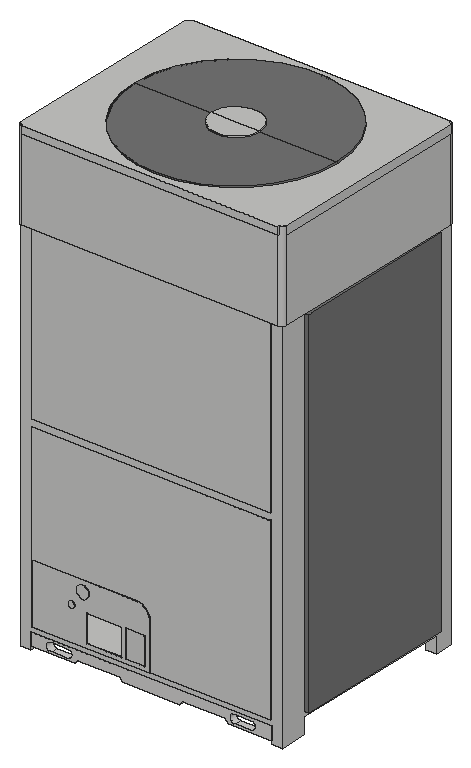
Revit family "Heat_Pump-Split_System-Outdoor-JCI-Single_Unit-6-16 _ton", category Mechanical Equipment, Revit 2014 (continued)
Definition of nested family "JCI - Fan to be nested"
  Parameters (values of type "Standard")
    Length 2 = (Shroud Radius - Shroud Cap Radius) * 2 / 3  # 7.33333"
    Length 1 = (Shroud Radius - Shroud Cap Radius) * 1 / 3  # 3.66667"
    Fan Radius = Fan Diameter / 2  # 13 21/32"
    Fan Material = Image - JCI - Fan
    Fan Diameter = Shroud Diameter * 0.95  # 27 5/16"
    Shroud Cap Diameter = 6 3/4"
    Cap Material = Paint - JCI - Silky Shade SU
  Reference planes (in)
    plane 1 "Center (Front/Back)": y = 0
    plane 2: z = 0
    plane 3 "Center (Left/Right)": x = 0
    plane 4 "Bottom": z = 0
    plane 5 "Top": z = 1.25
    plane 6 "fan top": z = 0.125
  Forms (in)
    Extrusion 1, solid, material "Image - JCI - Fan" <- "Fan Material", detail levels medium+fine
      sketch origin (0, 0, 0) x (1, 0, 0) y (0, 1, 0)
        loop
          circle (0, 0) r 13.65625
      from 0 to 0.125
    Revolve 2, solid, material "Metal - JCI - Grille SU" <- "Shroud Material", detail levels fine
      sketch origin (0, 0, 0) x (1, 0, 0) y (0, 0, 1)
        loop
          line (0, 1.25) -> (-3.375, 1.25) -> (-3.375, 1.125) -> (-14.375, 1.125) -> (-14.375, 0) -> (-14.275, 0) -> (-14.275, 1.025) -> (-0.15, 1.025) -> (-0.15, 0.125) -> (0, 0.125) -> (0, 1.25)
        axis (0, 1.25) -> (0, 0)
      angle from 0 to 360
  Lines and regions (in)
    symbolic lines, detail levels fine
      curve 1: circle (0, 0, 0) r 3.375 normal (0, 0, 1)
      curve 2: circle (0, 0, 0) r 3.66667 normal (0, 0, 1)
      curve 3: circle (0, 0, 0) r 7.33333 normal (0, 0, 1)
      curve 5: circle (0, 0, 0) r 11 normal (0, 0, 1)
      curve 6: line (-3.375, 0, 0) -> (-14.375, 0, 0)
      curve 7: line (0, -3.375, 0) -> (0, -14.375, 0)
      curve 8: line (3.375, 0, 0) -> (14.375, 0, 0)
      curve 9: line (0, 3.375, 0) -> (0, 14.375, 0)
      curve 10: line (-2.38649, 2.38649, 0) -> (-10.16466, 10.16466, 0)
      curve 11: line (2.38649, 2.38649, 0) -> (10.16466, 10.16466, 0)
      curve 12: line (-2.38649, -2.38649, 0) -> (-10.16466, -10.16466, 0)
      curve 13: line (2.38649, -2.38649, 0) -> (10.16466, -10.16466, 0)
    symbolic lines, detail levels medium+fine
      curve 4: circle (0, 0, 0) r 14.375 normal (0, 0, 1)
  Dimensions and locks (in)
    "Shroud Height": plane 5 "Top" to plane 4 "Bottom"
    plane 4 "Bottom" to level = 0"
    locked: plane 6 "fan top" to plane 4 "Bottom" at 0.125
    "Shroud Radius": Revolve 2 sketch curve to Revolve 2 sketch curve
    locked: plane 5 "Top" to Revolve 2 sketch curve at 0.125
    "Shroud Cap Radius": Revolve 2 sketch curve to Revolve 2 sketch curve
    locked: Revolve 2 sketch curve to Revolve 2 sketch curve at 0.1
    locked: Revolve 2 sketch curve to Revolve 2 sketch curve at 0.15
    "Fan Radius": radius of Extrusion 1 sketch curve
    "Shroud Cap Radius": radius of curve 1
    "Shroud Radius": radius of curve 4
    "Length 1": radius of curve 2
    "Length 2": radius of curve 3
    "Length 3": radius of curve 5
    locked: curve 13 to plane 1 "Center (Front/Back)" (angle 45.00°)
    locked: plane 1 "Center (Front/Back)" to curve 11 (angle 45.00°)
    locked: curve 10 to plane 1 "Center (Front/Back)" (angle 45.00°)
    locked: plane 1 "Center (Front/Back)" to curve 12 (angle 45.00°)
    aligned and locked: plane 2 to level
    aligned and locked: plane 3 "Center (Left/Right)" to Extrusion 1 sketch curve
    aligned and locked: plane 1 "Center (Front/Back)" to Extrusion 1 sketch curve
    aligned and locked: Extrusion 1 to plane 4 "Bottom"
    aligned and locked: Extrusion 1 to plane 6 "fan top"
    aligned and locked: Revolve 2 sketch curve to plane 3 "Center (Left/Right)"
    aligned and locked: Revolve 2 sketch curve to Revolve 2 sketch curve
    aligned and locked: Revolve 2 sketch curve to plane 5 "Top"
    aligned and locked: plane 4 "Bottom" to Revolve 2 sketch curve
    aligned and locked: Revolve 2 sketch curve to plane 6 "fan top"
    aligned and locked: plane 3 "Center (Left/Right)" to curve 1
    aligned and locked: plane 1 "Center (Front/Back)" to curve 1
    aligned and locked: plane 3 "Center (Left/Right)" to curve 4
    aligned and locked: plane 1 "Center (Front/Back)" to curve 4
    aligned and locked: plane 3 "Center (Left/Right)" to curve 2
    aligned and locked: plane 1 "Center (Front/Back)" to curve 2
    aligned and locked: plane 3 "Center (Left/Right)" to curve 3
    aligned and locked: plane 1 "Center (Front/Back)" to curve 3
    aligned and locked: plane 3 "Center (Left/Right)" to curve 5
    aligned and locked: plane 1 "Center (Front/Back)" to curve 5
  Automatic sketch dimensions
    Revolve 2 sketch curve to Revolve 2 sketch curve = 0.1"
    Revolve 2 sketch curve to level = 7.65209"
    Revolve 2 sketch curve to Revolve 2 sketch curve = 5.34791"
    curve 7 to plane 3 "Center (Left/Right)" = 0"
    curve 9 to plane 3 "Center (Left/Right)" = 0"
    plane 1 "Center (Front/Back)" to curve 8 = 0"
    plane 1 "Center (Front/Back)" to curve 6 = 0"
    curve 10 to plane 1 "Center (Front/Back)" = 2.38649"
    plane 1 "Center (Front/Back)" to curve 12 = 2.38649"
    curve 11 to plane 1 "Center (Front/Back)" = 2.38649"
    plane 1 "Center (Front/Back)" to curve 13 = 2.38649"
